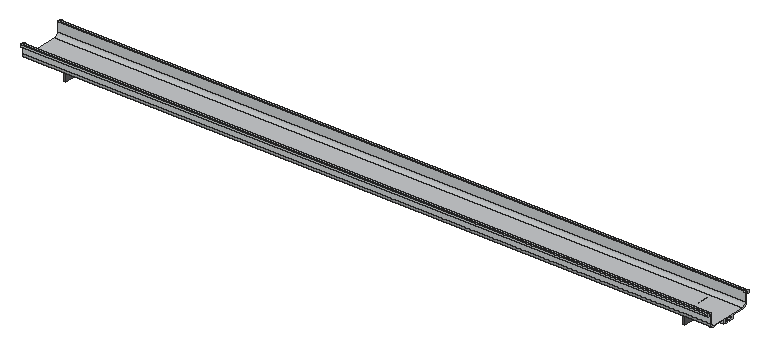
Revit family "Richelieu_Gola_Channel_Profiles_2025", category Generic Models, Revit 2025
Family settings
  Can host rebar = No
  Round Connector Dimension = Use Diameter
  Part Type = Normal
  Cut with Voids When Loaded = No
  Maintain Annotation Orientation = No
  Shared = No
  Room Calculation Point = No
Parameters (values of type "Horizontal - C - Double Grip")
  URL = "https://www.richelieu.com/us/en/category/moldings-corbels-and-components/metal-and-pvc-moldings-profiles-and-rails/gola-cabinet-profiles/1182698"
  Type VS = no
  Type VD = no
  Type HL = no
  Type HC = yes
  Stock Length = 4100 mm
  Show Right End Cap [instance] = no
  Show Mounting Clips [instance] = yes
  Show Left End Cap [instance] = no
  Show Internal 90 Joint [instance] = no
  Show External 90 Joint [instance] = no
  Show Assembly Bracket [instance] = no
  Right End Cap Open [instance] = no
  Profile Width = 26 mm
  Profile Type = "HC"
  Profile Material = Gola - Brushed Stainless Finish
  Profile Height = 72.7 mm
  Open End Cap Product = "7001045170"
  Mounting Clip Material = Gola - Black Plastic Mounting Clips
  Model Accuracy Notes = "Source overall sections: C 26x72.7; L 27x56; vertical single 48.25x36.6; double 66.5x36.6mm. Undimensioned small radii/thickness, teeth and accessory internals simplified. Stock vertical drawing 4400mm; website packaging sometimes states 4500mm."
  Model = "70010040410170"
  Manufacturer Product Number = "70010040410170"
  Manufacturer = "Richelieu Hardware"
  built-in parameter 1001306 [instance] = 1000 mm
  Left End Cap Open [instance] = no
  Internal Joint Product = "7001016I170"
  HL internal joint [instance] = and(Type HL, Show Internal 90 Joint)  # no
  HL external joint [instance] = and(Type HL, Show External 90 Joint)  # no
  HL clips [instance] = and(Type HL, Show Mounting Clips)  # no
  HL bracket linear [instance] = and(Type HL, and(Show Assembly Bracket, Bracket As Linear Join))  # no
  HL bracket bent [instance] = and(Type HL, and(Show Assembly Bracket, not(Bracket As Linear Join)))  # no
  HL Right open [instance] = and(Type HL, and(Show Right End Cap, Right End Cap Open))  # no
  HL Right closed [instance] = and(Type HL, and(Show Right End Cap, not(Right End Cap Open)))  # no
  HL Left open [instance] = and(Type HL, and(Show Left End Cap, Left End Cap Open))  # no
  HL Left closed [instance] = and(Type HL, and(Show Left End Cap, not(Left End Cap Open)))  # no
  HC internal joint [instance] = and(Type HC, Show Internal 90 Joint)  # no
  HC external joint [instance] = and(Type HC, Show External 90 Joint)  # no
  HC clips [instance] = and(Type HC, Show Mounting Clips)  # yes
  HC bracket linear [instance] = and(Type HC, and(Show Assembly Bracket, Bracket As Linear Join))  # no
  HC bracket bent [instance] = and(Type HC, and(Show Assembly Bracket, not(Bracket As Linear Join)))  # no
  HC Right open [instance] = and(Type HC, and(Show Right End Cap, Right End Cap Open))  # no
  HC Right closed [instance] = and(Type HC, and(Show Right End Cap, not(Right End Cap Open)))  # no
  HC Left open [instance] = and(Type HC, and(Show Left End Cap, Left End Cap Open))  # no
  HC Left closed [instance] = and(Type HC, and(Show Left End Cap, not(Left End Cap Open)))  # no
  Grip Configuration = "Double"
  Finish = "Brushed stainless steel appearance"
  External Joint Product = "7001016E170"
  Effective Accessory Offset [instance] = if(Accessory Offset < 25 mm, 25 mm, if(Accessory Offset > [built-in parameter 1001306] / 2 - 20 mm, [built-in parameter 1001306] / 2 - 20 mm, Accessory Offset))  # 50 mm
  Description = "Horizontal - C - Double Grip; line based length with endpoint grips"
  Default Elevation = 0 mm
  Control 3864 Start [instance] = [built-in parameter 1001306] + 25.8 mm  # 1025.8 mm
  Control 3864 End [instance] = [built-in parameter 1001306] + 27 mm  # 1027 mm
  Control 3851 Start [instance] = [built-in parameter 1001306] + 0 mm  # 1000 mm
  Control 3851 End [instance] = [built-in parameter 1001306] + 27 mm  # 1027 mm
  Control 3792 Start [instance] = [built-in parameter 1001306] - 34 mm  # 966 mm
  Control 3792 End [instance] = [built-in parameter 1001306] + 34 mm  # 1034 mm
  Control 3780 Start [instance] = [built-in parameter 1001306] - 2.4 mm  # 997.6 mm
  Control 3768 Start [instance] = [built-in parameter 1001306] - 68 mm  # 932 mm
  Control 3743 Start [instance] = [built-in parameter 1001306] - Effective Accessory Offset - 17 mm  # 933 mm
  Control 3722 End [instance] = [built-in parameter 1001306] - Effective Accessory Offset + 12.2 mm  # 962.2 mm
  Control 3709 Start [instance] = [built-in parameter 1001306] - Effective Accessory Offset  # 950 mm
  Control 3709 End [instance] = [built-in parameter 1001306] - Effective Accessory Offset + 3 mm  # 953 mm
  Control 3686 Start [instance] = Effective Accessory Offset - 17 mm  # 33 mm
  Control 3665 End [instance] = Effective Accessory Offset + 12.2 mm  # 62.2 mm
  Control 3653 End [instance] = Effective Accessory Offset + 3 mm  # 53 mm
  Control 3640 Start [instance] = [built-in parameter 1001306] - 8 mm  # 992 mm
  Control 3548 End [instance] = [built-in parameter 1001306] + 10 mm  # 1010 mm
  Control 3536 End [instance] = [built-in parameter 1001306] + 2 mm  # 1002 mm
  Closed End Cap Product = "7001046170"
  Cap Material = Gola - Brushed Stainless Finish
  Bracket Material = Gola - Galvanized Bracket
  Bracket As Linear Join [instance] = no
  Base Material = "Anodized aluminum"
  Application = "Horizontal"
  Accessory Offset [instance] = 50 mm
  Accessory Notes = "Horizontal: BP7001010 clips; 70010999 bracket. Internal joint at START, external at END. Disable end cap where corner used. Vertical: direct screw fixing; horizontal fittings suppressed."
Types (5, lengths in mm): name | Type VS | Type VD | Type HL | Type HC | Stock Length | Show Mounting Clips | Profile Width | Profile Type | Profile Height | Open End Cap Product | Model | Manufacturer Product Number | Internal Joint Product | HL clips | HC clips | Grip Configuration | External Joint Product | Description | Closed End Cap Product | Application
  (no name) | no | yes | no | no | 4400 | no | 66.5 | "VD" | 36.6 | "Not specified for vertical profiles" | "70010190440170" | "70010190440170" | "Not applicable" | no | no | "Double" | "Not applicable" | "Vertical - Double Grip; line based length with endpoint grips" | "Not specified for vertical profiles" | "Vertical"
  Horizontal - C - Double Grip | no | no | no | yes | 4100 | yes | 26 | "HC" | 72.7 | "7001045170" | "70010040410170" | "70010040410170" | "7001016I170" | no | yes | "Double" | "7001016E170" | "Horizontal - C - Double Grip; line based length with endpoint grips" | "7001046170" | "Horizontal"
  Horizontal - L - Single Grip | no | no | yes | no | 4100 | yes | 27 | "HL" | 56 | "7001013170" | "70010050410170" | "70010050410170" | "7001017I170" | yes | no | "Single" | "7001015E170" | "Horizontal - L - Single Grip; line based length with endpoint grips" | "7001044170" | "Horizontal"
  Vertical - Single Grip | yes | no | no | no | 4400 | no | 48.25 | "VS" | 36.6 | "Not specified for vertical profiles" | "70010200440170" | "70010200440170" | "Not applicable" | no | no | "Single" | "Not applicable" | "Vertical - Single Grip; line based length with endpoint grips" | "Not specified for vertical profiles" | "Vertical"
  Vertical - Double Grip | no | yes | no | no | 4400 | no | 66.5 | "VD" | 36.6 | "Not specified for vertical profiles" | "70010190440170" | "70010190440170" | "Not applicable" | no | no | "Double" | "Not applicable" | "Vertical - Double Grip; line based length with endpoint grips" | "Not specified for vertical profiles" | "Vertical"
Reference planes
  plane 1 "Center (Front/Back)": y = 0
  plane 2: z = 0
  plane 3 "Left": x = 0
  plane 4 "Right": x = 1000
Forms (mm)
  Extrusion 1, solid, material "Gola - Brushed Stainless Finish" <- "Profile Material", visible <- "Type HC"
    sketch origin (0, 0, 0) x (0, 1, 0) y (0, 0, 1)
      loop
        line (72.7, 22) -> (72.7, 24.8)
        arc (72.7, 24.8) -> (72.349, 25.648) -> (71.5, 26) r 1.2
        line (71.5, 26) -> (68.9, 26)
        arc (68.9, 26) -> (68.052, 25.648) -> (67.7, 24.8) r 1.2
        line (67.7, 24.8) -> (67.7, 11.9)
        arc (67.7, 11.9) -> (66.118, 8.082) -> (62.3, 6.5) r 5.4
        line (62.3, 6.5) -> (10.4, 6.5)
        arc (10.4, 6.5) -> (6.582, 8.082) -> (5, 11.9) r 5.4
        line (5, 11.9) -> (5, 24.8)
        arc (5, 24.8) -> (4.648, 25.648) -> (3.8, 26) r 1.2
        line (3.8, 26) -> (1.2, 26)
        arc (1.2, 26) -> (0.352, 25.648) -> (0, 24.8) r 1.2
        line (0, 24.8) -> (0, 22) -> (1.2, 22) -> (1.2, 24.8) -> (3.8, 24.8) -> (3.8, 11.9)
        arc (3.8, 11.9) -> (5.733, 7.233) -> (10.4, 5.3) r 6.6
        line (10.4, 5.3) -> (28.2, 5.3) -> (28.2, 0) -> (33.4, 0) -> (33.4, 1.2) -> (29.4, 1.2) -> (29.4, 5.3) -> (43.3, 5.3) -> (43.3, 1.2) -> (39.3, 1.2) -> (39.3, 0) -> (44.5, 0) -> (44.5, 5.3) -> (62.3, 5.3)
        arc (62.3, 5.3) -> (66.967, 7.233) -> (68.9, 11.9) r 6.6
        line (68.9, 11.9) -> (68.9, 24.8) -> (71.5, 24.8) -> (71.5, 22) -> (72.7, 22)
    from 0 to 1000 <- "built-in parameter 1001306"
  Extrusion 2, solid, material "Gola - Brushed Stainless Finish" <- "Cap Material", visible <- "HC Left closed"
    sketch origin (0, 0, 0) x (0, 1, 0) y (0, 0, 1)
      loop
        line (0, 0) -> (72.7, 0) -> (72.7, 26) -> (0, 26) -> (0, 0)
    from -2 to 0
  Extrusion 3, solid, material "Gola - Brushed Stainless Finish" <- "Cap Material", visible <- "HC Left open"
    sketch origin (0, 0, 0) x (0, 1, 0) y (0, 0, 1)
      loop
        line (72.7, 22) -> (72.7, 24.8)
        arc (72.7, 24.8) -> (72.349, 25.648) -> (71.5, 26) r 1.2
        line (71.5, 26) -> (68.9, 26)
        arc (68.9, 26) -> (68.052, 25.648) -> (67.7, 24.8) r 1.2
        line (67.7, 24.8) -> (67.7, 11.9)
        arc (67.7, 11.9) -> (66.118, 8.082) -> (62.3, 6.5) r 5.4
        line (62.3, 6.5) -> (10.4, 6.5)
        arc (10.4, 6.5) -> (6.582, 8.082) -> (5, 11.9) r 5.4
        line (5, 11.9) -> (5, 24.8)
        arc (5, 24.8) -> (4.648, 25.648) -> (3.8, 26) r 1.2
        line (3.8, 26) -> (1.2, 26)
        arc (1.2, 26) -> (0.352, 25.648) -> (0, 24.8) r 1.2
        line (0, 24.8) -> (0, 22) -> (1.2, 22) -> (1.2, 24.8) -> (3.8, 24.8) -> (3.8, 11.9)
        arc (3.8, 11.9) -> (5.733, 7.233) -> (10.4, 5.3) r 6.6
        line (10.4, 5.3) -> (28.2, 5.3) -> (28.2, 0) -> (33.4, 0) -> (33.4, 1.2) -> (29.4, 1.2) -> (29.4, 5.3) -> (43.3, 5.3) -> (43.3, 1.2) -> (39.3, 1.2) -> (39.3, 0) -> (44.5, 0) -> (44.5, 5.3) -> (62.3, 5.3)
        arc (62.3, 5.3) -> (66.967, 7.233) -> (68.9, 11.9) r 6.6
        line (68.9, 11.9) -> (68.9, 24.8) -> (71.5, 24.8) -> (71.5, 22) -> (72.7, 22)
    from -10 to 0
  Extrusion 4, solid, material "Gola - Brushed Stainless Finish" <- "Cap Material", visible <- "HC Left closed"
    sketch origin (0, 0, 0) x (0, 1, 0) y (0, 0, 1)
      loop
        line (7, 5.3) -> (65.7, 5.3) -> (65.7, 7) -> (7, 7) -> (7, 5.3)
    from 0 to 8
  Extrusion 5, solid, material "Gola - Brushed Stainless Finish" <- "Cap Material", visible <- "HC Right closed"
    sketch origin (0, 0, 0) x (0, 1, 0) y (0, 0, 1)
      loop
        line (0, 0) -> (72.7, 0) -> (72.7, 26) -> (0, 26) -> (0, 0)
    from 1000 <- "built-in parameter 1001306" to 1002 <- "Control 3536 End"
  Extrusion 6, solid, material "Gola - Brushed Stainless Finish" <- "Cap Material", visible <- "HC Right open"
    sketch origin (0, 0, 0) x (0, 1, 0) y (0, 0, 1)
      loop
        line (72.7, 22) -> (72.7, 24.8)
        arc (72.7, 24.8) -> (72.349, 25.648) -> (71.5, 26) r 1.2
        line (71.5, 26) -> (68.9, 26)
        arc (68.9, 26) -> (68.052, 25.648) -> (67.7, 24.8) r 1.2
        line (67.7, 24.8) -> (67.7, 11.9)
        arc (67.7, 11.9) -> (66.118, 8.082) -> (62.3, 6.5) r 5.4
        line (62.3, 6.5) -> (10.4, 6.5)
        arc (10.4, 6.5) -> (6.582, 8.082) -> (5, 11.9) r 5.4
        line (5, 11.9) -> (5, 24.8)
        arc (5, 24.8) -> (4.648, 25.648) -> (3.8, 26) r 1.2
        line (3.8, 26) -> (1.2, 26)
        arc (1.2, 26) -> (0.352, 25.648) -> (0, 24.8) r 1.2
        line (0, 24.8) -> (0, 22) -> (1.2, 22) -> (1.2, 24.8) -> (3.8, 24.8) -> (3.8, 11.9)
        arc (3.8, 11.9) -> (5.733, 7.233) -> (10.4, 5.3) r 6.6
        line (10.4, 5.3) -> (28.2, 5.3) -> (28.2, 0) -> (33.4, 0) -> (33.4, 1.2) -> (29.4, 1.2) -> (29.4, 5.3) -> (43.3, 5.3) -> (43.3, 1.2) -> (39.3, 1.2) -> (39.3, 0) -> (44.5, 0) -> (44.5, 5.3) -> (62.3, 5.3)
        arc (62.3, 5.3) -> (66.967, 7.233) -> (68.9, 11.9) r 6.6
        line (68.9, 11.9) -> (68.9, 24.8) -> (71.5, 24.8) -> (71.5, 22) -> (72.7, 22)
    from 1000 <- "built-in parameter 1001306" to 1010 <- "Control 3548 End"
  Extrusion 7, solid, material "Gola - Brushed Stainless Finish" <- "Cap Material", visible <- "HC Right closed"
    sketch origin (0, 0, 0) x (0, 1, 0) y (0, 0, 1)
      loop
        line (7, 5.3) -> (65.7, 5.3) -> (65.7, 7) -> (7, 7) -> (7, 5.3)
    from 992 <- "Control 3640 Start" to 1000 <- "built-in parameter 1001306"
  Extrusion 8, solid, material "Gola - Black Plastic Mounting Clips" <- "Mounting Clip Material", visible <- "HC clips"
    sketch origin (0, 0, 0) x (0, 1, 0) y (0, 0, 1)
      loop
        line (16.35, -12) -> (56.35, -12) -> (56.35, 5) -> (16.35, 5) -> (16.35, -12)
    from 50 <- "Effective Accessory Offset" to 53 <- "Control 3653 End"
  Extrusion 9, solid, material "Gola - Black Plastic Mounting Clips" <- "Mounting Clip Material", visible <- "HC clips"
    sketch origin (0, 0, 0) x (0, 1, 0) y (0, 0, 1)
      loop
        circle (20.35, 0.5) r 2.65
    from 53 <- "Control 3653 End" to 62.2 <- "Control 3665 End"
  Extrusion 10, solid, material "Gola - Black Plastic Mounting Clips" <- "Mounting Clip Material", visible <- "HC clips"
    sketch origin (0, 0, 0) x (0, 1, 0) y (0, 0, 1)
      loop
        circle (52.35, 0.5) r 2.65
    from 53 <- "Control 3653 End" to 62.2 <- "Control 3665 End"
  Extrusion 11, solid, material "Gola - Black Plastic Mounting Clips" <- "Mounting Clip Material", visible <- "HC clips"
    sketch origin (0, 0, 0) x (0, 1, 0) y (0, 0, 1)
      loop
        line (28.35, 0) -> (33.85, 0) -> (33.85, 4.3) -> (28.35, 4.3) -> (28.35, 0)
    from 33 <- "Control 3686 Start" to 50 <- "Effective Accessory Offset"
  Extrusion 12, solid, material "Gola - Black Plastic Mounting Clips" <- "Mounting Clip Material", visible <- "HC clips"
    sketch origin (0, 0, 0) x (0, 1, 0) y (0, 0, 1)
      loop
        line (38.85, 0) -> (44.35, 0) -> (44.35, 4.3) -> (38.85, 4.3) -> (38.85, 0)
    from 33 <- "Control 3686 Start" to 50 <- "Effective Accessory Offset"
  Extrusion 13, solid, material "Gola - Black Plastic Mounting Clips" <- "Mounting Clip Material", visible <- "HC clips"
    sketch origin (0, 0, 0) x (0, 1, 0) y (0, 0, 1)
      loop
        line (16.35, -12) -> (56.35, -12) -> (56.35, 5) -> (16.35, 5) -> (16.35, -12)
    from 950 <- "Control 3709 Start" to 953 <- "Control 3709 End"
  Extrusion 14, solid, material "Gola - Black Plastic Mounting Clips" <- "Mounting Clip Material", visible <- "HC clips"
    sketch origin (0, 0, 0) x (0, 1, 0) y (0, 0, 1)
      loop
        circle (20.35, 0.5) r 2.65
    from 953 <- "Control 3709 End" to 962.2 <- "Control 3722 End"
  Extrusion 15, solid, material "Gola - Black Plastic Mounting Clips" <- "Mounting Clip Material", visible <- "HC clips"
    sketch origin (0, 0, 0) x (0, 1, 0) y (0, 0, 1)
      loop
        circle (52.35, 0.5) r 2.65
    from 953 <- "Control 3709 End" to 962.2 <- "Control 3722 End"
  Extrusion 16, solid, material "Gola - Black Plastic Mounting Clips" <- "Mounting Clip Material", visible <- "HC clips"
    sketch origin (0, 0, 0) x (0, 1, 0) y (0, 0, 1)
      loop
        line (28.35, 0) -> (33.85, 0) -> (33.85, 4.3) -> (28.35, 4.3) -> (28.35, 0)
    from 933 <- "Control 3743 Start" to 950 <- "Control 3709 Start"
  Extrusion 17, solid, material "Gola - Black Plastic Mounting Clips" <- "Mounting Clip Material", visible <- "HC clips"
    sketch origin (0, 0, 0) x (0, 1, 0) y (0, 0, 1)
      loop
        line (38.85, 0) -> (44.35, 0) -> (44.35, 4.3) -> (38.85, 4.3) -> (38.85, 0)
    from 933 <- "Control 3743 Start" to 950 <- "Control 3709 Start"
  Extrusion 18, solid, material "Gola - Galvanized Bracket" <- "Bracket Material", visible <- "HC bracket bent"
    sketch origin (0, 0, 0) x (0, 1, 0) y (0, 0, 1)
      loop
        line (30.85, 1.5) -> (41.85, 1.5) -> (41.85, 3.9) -> (30.85, 3.9) -> (30.85, 1.5)
    from 932 <- "Control 3768 Start" to 1000 <- "built-in parameter 1001306"
  Extrusion 19, solid, material "Gola - Galvanized Bracket" <- "Bracket Material", visible <- "HC bracket bent"
    sketch origin (0, 0, 0) x (0, 1, 0) y (0, 0, 1)
      loop
        line (30.85, -34.1) -> (41.85, -34.1) -> (41.85, 3.9) -> (30.85, 3.9) -> (30.85, -34.1)
    from 997.6 <- "Control 3780 Start" to 1000 <- "built-in parameter 1001306"
  Extrusion 20, solid, material "Gola - Galvanized Bracket" <- "Bracket Material", visible <- "HC bracket linear"
    sketch origin (0, 0, 0) x (0, 1, 0) y (0, 0, 1)
      loop
        line (30.85, 1.5) -> (41.85, 1.5) -> (41.85, 3.9) -> (30.85, 3.9) -> (30.85, 1.5)
    from 966 <- "Control 3792 Start" to 1034 <- "Control 3792 End"
  Extrusion 21, solid, material "Gola - Brushed Stainless Finish" <- "Profile Material", visible <- "HC internal joint"
    sketch origin (0, 0, 0) x (0, 1, 0) y (0, 0, 1)
      loop
        line (5, 5.3) -> (67.7, 5.3) -> (67.7, 6.5) -> (5, 6.5) -> (5, 5.3)
    from -29 to 0
  Extrusion 22, solid, material "Gola - Brushed Stainless Finish" <- "Profile Material", visible <- "HC internal joint"
    sketch origin (0, 0, 0) x (0, 1, 0) y (0, 0, 1)
      loop
        line (5, 5.3) -> (67.7, 5.3) -> (67.7, 33.1) -> (5, 33.1) -> (5, 5.3)
    from -29 to -27.8
  Extrusion 23, solid, material "Gola - Brushed Stainless Finish" <- "Profile Material", visible <- "HC internal joint"
    sketch origin (0, 0, 0) x (0, 1, 0) y (0, 0, 1)
      loop
        line (3.8, 5.3) -> (5, 5.3) -> (5, 34.3) -> (3.8, 34.3) -> (3.8, 5.3)
    from -29 to 0
  Extrusion 24, solid, material "Gola - Brushed Stainless Finish" <- "Profile Material", visible <- "HC internal joint"
    sketch origin (0, 0, 0) x (0, 1, 0) y (0, 0, 1)
      loop
        line (67.7, 5.3) -> (68.9, 5.3) -> (68.9, 34.3) -> (67.7, 34.3) -> (67.7, 5.3)
    from -29 to 0
  Extrusion 25, solid, material "Gola - Brushed Stainless Finish" <- "Profile Material", visible <- "HC external joint"
    sketch origin (0, 0, 0) x (0, 1, 0) y (0, 0, 1)
      loop
        line (5, 24.8) -> (67.7, 24.8) -> (67.7, 26) -> (5, 26) -> (5, 24.8)
    from 1000 <- "Control 3851 Start" to 1027 <- "Control 3851 End"
  Extrusion 26, solid, material "Gola - Brushed Stainless Finish" <- "Profile Material", visible <- "HC external joint"
    sketch origin (0, 0, 0) x (0, 1, 0) y (0, 0, 1)
      loop
        line (5, -1) -> (67.7, -1) -> (67.7, 24.8) -> (5, 24.8) -> (5, -1)
    from 1025.8 <- "Control 3864 Start" to 1027 <- "Control 3864 End"
  Extrusion 27, solid, material "Gola - Brushed Stainless Finish" <- "Profile Material", visible <- "HC external joint"
    sketch origin (0, 0, 0) x (0, 1, 0) y (0, 0, 1)
      loop
        line (3.8, -1) -> (5, -1) -> (5, 26) -> (3.8, 26) -> (3.8, -1)
    from 1000 <- "Control 3851 Start" to 1027 <- "Control 3851 End"
  Extrusion 28, solid, material "Gola - Brushed Stainless Finish" <- "Profile Material", visible <- "HC external joint"
    sketch origin (0, 0, 0) x (0, 1, 0) y (0, 0, 1)
      loop
        line (67.7, -1) -> (68.9, -1) -> (68.9, 26) -> (67.7, 26) -> (67.7, -1)
    from 1000 <- "Control 3851 Start" to 1027 <- "Control 3851 End"
  Extrusion 29, solid, material "Gola - Brushed Stainless Finish" <- "Profile Material", visible <- "Type HL"
    sketch origin (0, 0, 0) x (0, 1, 0) y (0, 0, 1)
      loop
        line (56, 0) -> (56, 6.3)
        arc (56, 6.3) -> (55.649, 7.149) -> (54.8, 7.5) r 1.2
        line (54.8, 7.5) -> (10.5, 7.5)
        arc (10.5, 7.5) -> (6.682, 9.082) -> (5.1, 12.9) r 5.4
        line (5.1, 12.9) -> (5.1, 25.8)
        arc (5.1, 25.8) -> (4.748, 26.649) -> (3.9, 27) r 1.2
        line (3.9, 27) -> (1.2, 27)
        arc (1.2, 27) -> (0.352, 26.648) -> (0, 25.8) r 1.2
        line (0, 25.8) -> (0, 23) -> (1.2, 23) -> (1.2, 25.8) -> (3.9, 25.8) -> (3.9, 12.9)
        arc (3.9, 12.9) -> (5.833, 8.233) -> (10.5, 6.3) r 6.6
        line (10.5, 6.3) -> (10.7, 0.9) -> (15.9, 0.9) -> (15.9, 2.1) -> (11.9, 2.1) -> (11.9, 6.3) -> (25.6, 6.3) -> (25.6, 2.1) -> (21.6, 2.1) -> (21.6, 0.9) -> (26.8, 0.9) -> (26.8, 6.3) -> (54.8, 6.3) -> (54.8, 1.2) -> (53.5, 1.2) -> (53.5, 0) -> (56, 0)
    from 0 to 1000 <- "built-in parameter 1001306"
  Extrusion 30, solid, material "Gola - Brushed Stainless Finish" <- "Cap Material", visible <- "HL Left closed"
    sketch origin (0, 0, 0) x (0, 1, 0) y (0, 0, 1)
      loop
        line (0, 0) -> (56, 0) -> (56, 27) -> (0, 27) -> (0, 0)
    from -2 to 0
  Extrusion 31, solid, material "Gola - Brushed Stainless Finish" <- "Cap Material", visible <- "HL Left open"
    sketch origin (0, 0, 0) x (0, 1, 0) y (0, 0, 1)
      loop
        line (56, 0) -> (56, 6.3)
        arc (56, 6.3) -> (55.649, 7.149) -> (54.8, 7.5) r 1.2
        line (54.8, 7.5) -> (10.5, 7.5)
        arc (10.5, 7.5) -> (6.682, 9.082) -> (5.1, 12.9) r 5.4
        line (5.1, 12.9) -> (5.1, 25.8)
        arc (5.1, 25.8) -> (4.748, 26.649) -> (3.9, 27) r 1.2
        line (3.9, 27) -> (1.2, 27)
        arc (1.2, 27) -> (0.352, 26.648) -> (0, 25.8) r 1.2
        line (0, 25.8) -> (0, 23) -> (1.2, 23) -> (1.2, 25.8) -> (3.9, 25.8) -> (3.9, 12.9)
        arc (3.9, 12.9) -> (5.833, 8.233) -> (10.5, 6.3) r 6.6
        line (10.5, 6.3) -> (10.7, 0.9) -> (15.9, 0.9) -> (15.9, 2.1) -> (11.9, 2.1) -> (11.9, 6.3) -> (25.6, 6.3) -> (25.6, 2.1) -> (21.6, 2.1) -> (21.6, 0.9) -> (26.8, 0.9) -> (26.8, 6.3) -> (54.8, 6.3) -> (54.8, 1.2) -> (53.5, 1.2) -> (53.5, 0) -> (56, 0)
    from -10 to 0
  Extrusion 32, solid, material "Gola - Brushed Stainless Finish" <- "Cap Material", visible <- "HL Left closed"
    sketch origin (0, 0, 0) x (0, 1, 0) y (0, 0, 1)
      loop
        line (7, 5.3) -> (49, 5.3) -> (49, 7) -> (7, 7) -> (7, 5.3)
    from 0 to 8
  Extrusion 33, solid, material "Gola - Brushed Stainless Finish" <- "Cap Material", visible <- "HL Right closed"
    sketch origin (0, 0, 0) x (0, 1, 0) y (0, 0, 1)
      loop
        line (0, 0) -> (56, 0) -> (56, 27) -> (0, 27) -> (0, 0)
    from 1000 <- "built-in parameter 1001306" to 1002 <- "Control 3536 End"
  Extrusion 34, solid, material "Gola - Brushed Stainless Finish" <- "Cap Material", visible <- "HL Right open"
    sketch origin (0, 0, 0) x (0, 1, 0) y (0, 0, 1)
      loop
        line (56, 0) -> (56, 6.3)
        arc (56, 6.3) -> (55.649, 7.149) -> (54.8, 7.5) r 1.2
        line (54.8, 7.5) -> (10.5, 7.5)
        arc (10.5, 7.5) -> (6.682, 9.082) -> (5.1, 12.9) r 5.4
        line (5.1, 12.9) -> (5.1, 25.8)
        arc (5.1, 25.8) -> (4.748, 26.649) -> (3.9, 27) r 1.2
        line (3.9, 27) -> (1.2, 27)
        arc (1.2, 27) -> (0.352, 26.648) -> (0, 25.8) r 1.2
        line (0, 25.8) -> (0, 23) -> (1.2, 23) -> (1.2, 25.8) -> (3.9, 25.8) -> (3.9, 12.9)
        arc (3.9, 12.9) -> (5.833, 8.233) -> (10.5, 6.3) r 6.6
        line (10.5, 6.3) -> (10.7, 0.9) -> (15.9, 0.9) -> (15.9, 2.1) -> (11.9, 2.1) -> (11.9, 6.3) -> (25.6, 6.3) -> (25.6, 2.1) -> (21.6, 2.1) -> (21.6, 0.9) -> (26.8, 0.9) -> (26.8, 6.3) -> (54.8, 6.3) -> (54.8, 1.2) -> (53.5, 1.2) -> (53.5, 0) -> (56, 0)
    from 1000 <- "built-in parameter 1001306" to 1010 <- "Control 3548 End"
  Extrusion 35, solid, material "Gola - Brushed Stainless Finish" <- "Cap Material", visible <- "HL Right closed"
    sketch origin (0, 0, 0) x (0, 1, 0) y (0, 0, 1)
      loop
        line (7, 5.3) -> (49, 5.3) -> (49, 7) -> (7, 7) -> (7, 5.3)
    from 992 <- "Control 3640 Start" to 1000 <- "built-in parameter 1001306"
  Extrusion 36, solid, material "Gola - Black Plastic Mounting Clips" <- "Mounting Clip Material", visible <- "HL clips"
    sketch origin (0, 0, 0) x (0, 1, 0) y (0, 0, 1)
      loop
        line (-1.25, -12) -> (38.75, -12) -> (38.75, 5) -> (-1.25, 5) -> (-1.25, -12)
    from 50 <- "Effective Accessory Offset" to 53 <- "Control 3653 End"
  Extrusion 37, solid, material "Gola - Black Plastic Mounting Clips" <- "Mounting Clip Material", visible <- "HL clips"
    sketch origin (0, 0, 0) x (0, 1, 0) y (0, 0, 1)
      loop
        circle (2.75, 0.5) r 2.65
    from 53 <- "Control 3653 End" to 62.2 <- "Control 3665 End"
  Extrusion 38, solid, material "Gola - Black Plastic Mounting Clips" <- "Mounting Clip Material", visible <- "HL clips"
    sketch origin (0, 0, 0) x (0, 1, 0) y (0, 0, 1)
      loop
        circle (34.75, 0.5) r 2.65
    from 53 <- "Control 3653 End" to 62.2 <- "Control 3665 End"
  Extrusion 39, solid, material "Gola - Black Plastic Mounting Clips" <- "Mounting Clip Material", visible <- "HL clips"
    sketch origin (0, 0, 0) x (0, 1, 0) y (0, 0, 1)
      loop
        line (10.75, 0) -> (16.25, 0) -> (16.25, 4.3) -> (10.75, 4.3) -> (10.75, 0)
    from 33 <- "Control 3686 Start" to 50 <- "Effective Accessory Offset"
  Extrusion 40, solid, material "Gola - Black Plastic Mounting Clips" <- "Mounting Clip Material", visible <- "HL clips"
    sketch origin (0, 0, 0) x (0, 1, 0) y (0, 0, 1)
      loop
        line (21.25, 0) -> (26.75, 0) -> (26.75, 4.3) -> (21.25, 4.3) -> (21.25, 0)
    from 33 <- "Control 3686 Start" to 50 <- "Effective Accessory Offset"
  Extrusion 41, solid, material "Gola - Black Plastic Mounting Clips" <- "Mounting Clip Material", visible <- "HL clips"
    sketch origin (0, 0, 0) x (0, 1, 0) y (0, 0, 1)
      loop
        line (-1.25, -12) -> (38.75, -12) -> (38.75, 5) -> (-1.25, 5) -> (-1.25, -12)
    from 950 <- "Control 3709 Start" to 953 <- "Control 3709 End"
  Extrusion 42, solid, material "Gola - Black Plastic Mounting Clips" <- "Mounting Clip Material", visible <- "HL clips"
    sketch origin (0, 0, 0) x (0, 1, 0) y (0, 0, 1)
      loop
        circle (2.75, 0.5) r 2.65
    from 953 <- "Control 3709 End" to 962.2 <- "Control 3722 End"
  Extrusion 43, solid, material "Gola - Black Plastic Mounting Clips" <- "Mounting Clip Material", visible <- "HL clips"
    sketch origin (0, 0, 0) x (0, 1, 0) y (0, 0, 1)
      loop
        circle (34.75, 0.5) r 2.65
    from 953 <- "Control 3709 End" to 962.2 <- "Control 3722 End"
  Extrusion 44, solid, material "Gola - Black Plastic Mounting Clips" <- "Mounting Clip Material", visible <- "HL clips"
    sketch origin (0, 0, 0) x (0, 1, 0) y (0, 0, 1)
      loop
        line (10.75, 0) -> (16.25, 0) -> (16.25, 4.3) -> (10.75, 4.3) -> (10.75, 0)
    from 933 <- "Control 3743 Start" to 950 <- "Control 3709 Start"
  Extrusion 45, solid, material "Gola - Black Plastic Mounting Clips" <- "Mounting Clip Material", visible <- "HL clips"
    sketch origin (0, 0, 0) x (0, 1, 0) y (0, 0, 1)
      loop
        line (21.25, 0) -> (26.75, 0) -> (26.75, 4.3) -> (21.25, 4.3) -> (21.25, 0)
    from 933 <- "Control 3743 Start" to 950 <- "Control 3709 Start"
  Extrusion 46, solid, material "Gola - Galvanized Bracket" <- "Bracket Material", visible <- "HL bracket bent"
    sketch origin (0, 0, 0) x (0, 1, 0) y (0, 0, 1)
      loop
        line (13.25, 1.5) -> (24.25, 1.5) -> (24.25, 3.9) -> (13.25, 3.9) -> (13.25, 1.5)
    from 932 <- "Control 3768 Start" to 1000 <- "built-in parameter 1001306"
  Extrusion 47, solid, material "Gola - Galvanized Bracket" <- "Bracket Material", visible <- "HL bracket bent"
    sketch origin (0, 0, 0) x (0, 1, 0) y (0, 0, 1)
      loop
        line (13.25, -34.1) -> (24.25, -34.1) -> (24.25, 3.9) -> (13.25, 3.9) -> (13.25, -34.1)
    from 997.6 <- "Control 3780 Start" to 1000 <- "built-in parameter 1001306"
  Extrusion 48, solid, material "Gola - Galvanized Bracket" <- "Bracket Material", visible <- "HL bracket linear"
    sketch origin (0, 0, 0) x (0, 1, 0) y (0, 0, 1)
      loop
        line (13.25, 1.5) -> (24.25, 1.5) -> (24.25, 3.9) -> (13.25, 3.9) -> (13.25, 1.5)
    from 966 <- "Control 3792 Start" to 1034 <- "Control 3792 End"
  Extrusion 49, solid, material "Gola - Brushed Stainless Finish" <- "Profile Material", visible <- "HL internal joint"
    sketch origin (0, 0, 0) x (0, 1, 0) y (0, 0, 1)
      loop
        line (5, 5.3) -> (51, 5.3) -> (51, 6.5) -> (5, 6.5) -> (5, 5.3)
    from -29 to 0
  Extrusion 50, solid, material "Gola - Brushed Stainless Finish" <- "Profile Material", visible <- "HL internal joint"
    sketch origin (0, 0, 0) x (0, 1, 0) y (0, 0, 1)
      loop
        line (5, 5.3) -> (51, 5.3) -> (51, 33.1) -> (5, 33.1) -> (5, 5.3)
    from -29 to -27.8
  Extrusion 51, solid, material "Gola - Brushed Stainless Finish" <- "Profile Material", visible <- "HL internal joint"
    sketch origin (0, 0, 0) x (0, 1, 0) y (0, 0, 1)
      loop
        line (3.9, 5.3) -> (5.1, 5.3) -> (5.1, 34.3) -> (3.9, 34.3) -> (3.9, 5.3)
    from -29 to 0
  Extrusion 52, solid, material "Gola - Brushed Stainless Finish" <- "Profile Material", visible <- "HL external joint"
    sketch origin (0, 0, 0) x (0, 1, 0) y (0, 0, 1)
      loop
        line (5, 25.8) -> (51, 25.8) -> (51, 27) -> (5, 27) -> (5, 25.8)
    from 1000 <- "Control 3851 Start" to 1027 <- "Control 3851 End"
  Extrusion 53, solid, material "Gola - Brushed Stainless Finish" <- "Profile Material", visible <- "HL external joint"
    sketch origin (0, 0, 0) x (0, 1, 0) y (0, 0, 1)
      loop
        line (5, 0) -> (51, 0) -> (51, 25.8) -> (5, 25.8) -> (5, 0)
    from 1025.8 <- "Control 3864 Start" to 1027 <- "Control 3864 End"
  Extrusion 54, solid, material "Gola - Brushed Stainless Finish" <- "Profile Material", visible <- "HL external joint"
    sketch origin (0, 0, 0) x (0, 1, 0) y (0, 0, 1)
      loop
        line (3.9, 0) -> (5.1, 0) -> (5.1, 27) -> (3.9, 27) -> (3.9, 0)
    from 1000 <- "Control 3851 Start" to 1027 <- "Control 3851 End"
  Extrusion 55, solid, material "Gola - Brushed Stainless Finish" <- "Profile Material", visible <- "Type VS"
    sketch origin (0, 0, 0) x (0, 1, 0) y (0, 0, 1)
      loop
        line (0, 24.6) -> (34.2, 24.6)
        arc (34.2, 24.6) -> (38.807, 26.342) -> (41.1, 30.7) r 6.944
        line (41.1, 30.7) -> (42, 35.4) -> (47.05, 35.4) -> (47.05, 25.8) -> (45.75, 25.8) -> (45.75, 24.6) -> (48.25, 24.6) -> (48.25, 36.6) -> (40.9, 36.6) -> (39.9, 30.9)
        arc (39.9, 30.9) -> (38.061, 27.221) -> (34.2, 25.8) r 5.583
        line (34.2, 25.8) -> (7.2, 25.8)
        arc (7.2, 25.8) -> (2.957, 27.557) -> (1.2, 31.8) r 5.999
        line (1.2, 31.8) -> (1.2, 36.6) -> (0, 36.6) -> (0, 24.6)
    from 0 to 1000 <- "built-in parameter 1001306"
  Extrusion 56, solid, material "Gola - Brushed Stainless Finish" <- "Profile Material", visible <- "Type VS"
    sketch origin (0, 0, 0) x (0, 1, 0) y (0, 0, 1)
      loop
        line (0, 0) -> (1.2, 0) -> (1.2, 1.6) -> (28.8, 1.6) -> (28.8, 0) -> (30, 0) -> (30, 2.8) -> (21.4, 2.8)
        arc (21.4, 2.8) -> (20.3, 4.6) -> (21.4, 6.4) r 2.023
        line (21.4, 6.4) -> (30, 6.4) -> (30, 24.6) -> (28.8, 24.6) -> (28.8, 7.6) -> (21.4, 7.6)
        arc (21.4, 7.6) -> (19.544, 6.642) -> (19.1, 4.6) r 2.452
        arc (19.1, 4.6) -> (19.183, 3.674) -> (19.5, 2.8) r 3.598
        line (19.5, 2.8) -> (10.5, 2.8)
        arc (10.5, 2.8) -> (10.817, 3.674) -> (10.9, 4.6) r 3.598
        arc (10.9, 4.6) -> (10.456, 6.642) -> (8.6, 7.6) r 2.452
        line (8.6, 7.6) -> (1.2, 7.6) -> (1.2, 24.6) -> (0, 24.6) -> (0, 6.4) -> (8.6, 6.4)
        arc (8.6, 6.4) -> (9.7, 4.6) -> (8.6, 2.8) r 2.023
        line (8.6, 2.8) -> (0, 2.8) -> (0, 0)
    from 0 to 1000 <- "built-in parameter 1001306"
  Extrusion 57, solid, material "Gola - Brushed Stainless Finish" <- "Profile Material", visible <- "Type VD"
    sketch origin (0, 0, 0) x (0, 1, 0) y (0, 0, 1)
      loop
        line (0, 24.6) -> (2.5, 24.6) -> (2.5, 25.8) -> (1.2, 25.8) -> (1.2, 35.4) -> (7.1, 35.4) -> (8.1, 30.7)
        arc (8.1, 30.7) -> (10.393, 26.342) -> (15, 24.6) r 6.944
        line (15, 24.6) -> (51.5, 24.6)
        arc (51.5, 24.6) -> (56.107, 26.342) -> (58.4, 30.7) r 6.944
        line (58.4, 30.7) -> (59.4, 35.4) -> (65.3, 35.4) -> (65.3, 25.8) -> (64, 25.8) -> (64, 24.6) -> (66.5, 24.6) -> (66.5, 36.6) -> (58.3, 36.6) -> (57.2, 30.9)
        arc (57.2, 30.9) -> (55.361, 27.221) -> (51.5, 25.8) r 5.583
        line (51.5, 25.8) -> (15, 25.8)
        arc (15, 25.8) -> (11.139, 27.221) -> (9.3, 30.9) r 5.583
        line (9.3, 30.9) -> (8.2, 36.6) -> (0, 36.6) -> (0, 24.6)
    from 0 to 1000 <- "built-in parameter 1001306"
  Extrusion 58, solid, material "Gola - Brushed Stainless Finish" <- "Profile Material", visible <- "Type VD"
    sketch origin (0, 0, 0) x (0, 1, 0) y (0, 0, 1)
      loop
        line (18.25, 0) -> (19.45, 0) -> (19.45, 1.6) -> (47.05, 1.6) -> (47.05, 0) -> (48.25, 0) -> (48.25, 2.8) -> (39.65, 2.8)
        arc (39.65, 2.8) -> (38.55, 4.6) -> (39.65, 6.4) r 2.023
        line (39.65, 6.4) -> (48.25, 6.4) -> (48.25, 24.6) -> (47.05, 24.6) -> (47.05, 7.6) -> (39.65, 7.6)
        arc (39.65, 7.6) -> (37.794, 6.642) -> (37.35, 4.6) r 2.452
        arc (37.35, 4.6) -> (37.433, 3.674) -> (37.75, 2.8) r 3.598
        line (37.75, 2.8) -> (28.75, 2.8)
        arc (28.75, 2.8) -> (29.067, 3.674) -> (29.15, 4.6) r 3.598
        arc (29.15, 4.6) -> (28.706, 6.642) -> (26.85, 7.6) r 2.452
        line (26.85, 7.6) -> (19.45, 7.6) -> (19.45, 24.6) -> (18.25, 24.6) -> (18.25, 6.4) -> (26.85, 6.4)
        arc (26.85, 6.4) -> (27.95, 4.6) -> (26.85, 2.8) r 2.023
        line (26.85, 2.8) -> (18.25, 2.8) -> (18.25, 0)
    from 0 to 1000 <- "built-in parameter 1001306"
Lines and regions (mm)
  reference lines
    curve 1: line (0, 0, 0) -> (1000, 0, 0)
Dimensions and locks
  "built-in parameter 1001306": plane 3 "Left" to plane 4 "Right"
  aligned and locked: plane 4 "Right" to curve 1
  aligned and locked: plane 1 "Center (Front/Back)" to curve 1
  aligned and locked: plane 3 "Left" to curve 1
  aligned and locked: level to plane 2
Automatic sketch dimensions
  Extrusion 1 sketch curve to plane 1 "Center (Front/Back)" = 0 mm
  Extrusion 1 sketch curve to level = 0 mm  (x2)
  Extrusion 1 sketch curve to plane 1 "Center (Front/Back)" = 1.2 mm
  Extrusion 1 sketch curve to Extrusion 1 sketch curve = 0 mm  (x25)
  Extrusion 1 sketch curve to Extrusion 1 sketch curve = 2.6 mm  (x2)
  Extrusion 1 sketch curve to Extrusion 1 sketch curve = 1.2 mm  (x6)
  Extrusion 1 sketch curve to Extrusion 1 sketch curve = 5.4 mm  (x2)
  Extrusion 1 sketch curve to Extrusion 1 sketch curve = 17.8 mm  (x2)
  Extrusion 1 sketch curve to Extrusion 1 sketch curve = 4 mm  (x2)
  Extrusion 1 sketch curve to Extrusion 1 sketch curve = 5.9 mm
  level to Extrusion 1 sketch curve = 1.2 mm  (x2)
  Extrusion 1 sketch curve to Extrusion 1 sketch curve = 4.1 mm
  level to Extrusion 1 sketch curve = 5.3 mm
  Extrusion 1 sketch curve to Extrusion 1 sketch curve = 10.1 mm  (x2)
  Extrusion 1 sketch curve to Extrusion 1 sketch curve = 2.8 mm  (x2)
  Extrusion 2 sketch curve to level = 0 mm
  Extrusion 2 sketch curve to plane 1 "Center (Front/Back)" = 0 mm
  level to Extrusion 2 sketch curve = 26 mm
  Extrusion 2 sketch curve to Extrusion 2 sketch curve = 72.7 mm
  Extrusion 3 sketch curve to plane 1 "Center (Front/Back)" = 0 mm
  Extrusion 3 sketch curve to level = 0 mm  (x2)
  Extrusion 3 sketch curve to plane 1 "Center (Front/Back)" = 1.2 mm
  Extrusion 3 sketch curve to Extrusion 3 sketch curve = 0 mm  (x25)
  Extrusion 3 sketch curve to Extrusion 3 sketch curve = 2.6 mm  (x2)
  Extrusion 3 sketch curve to Extrusion 3 sketch curve = 1.2 mm  (x6)
  Extrusion 3 sketch curve to Extrusion 3 sketch curve = 5.4 mm  (x2)
  Extrusion 3 sketch curve to Extrusion 3 sketch curve = 17.8 mm  (x2)
  Extrusion 3 sketch curve to Extrusion 3 sketch curve = 4 mm  (x2)
  Extrusion 3 sketch curve to Extrusion 3 sketch curve = 5.9 mm
  level to Extrusion 3 sketch curve = 1.2 mm  (x2)
  Extrusion 3 sketch curve to Extrusion 3 sketch curve = 4.1 mm
  level to Extrusion 3 sketch curve = 5.3 mm
  Extrusion 3 sketch curve to Extrusion 3 sketch curve = 10.1 mm  (x2)
  Extrusion 3 sketch curve to Extrusion 3 sketch curve = 2.8 mm  (x2)
  Extrusion 4 sketch curve to plane 1 "Center (Front/Back)" = 7 mm
  level to Extrusion 4 sketch curve = 7 mm
  Extrusion 4 sketch curve to Extrusion 4 sketch curve = 58.7 mm
  Extrusion 4 sketch curve to Extrusion 4 sketch curve = 1.7 mm
  Extrusion 5 sketch curve to level = 0 mm
  Extrusion 5 sketch curve to plane 1 "Center (Front/Back)" = 0 mm
  level to Extrusion 5 sketch curve = 26 mm
  Extrusion 5 sketch curve to Extrusion 5 sketch curve = 72.7 mm
  Extrusion 6 sketch curve to plane 1 "Center (Front/Back)" = 0 mm
  Extrusion 6 sketch curve to level = 0 mm  (x2)
  Extrusion 6 sketch curve to plane 1 "Center (Front/Back)" = 1.2 mm
  Extrusion 6 sketch curve to Extrusion 6 sketch curve = 0 mm  (x25)
  Extrusion 6 sketch curve to Extrusion 6 sketch curve = 2.6 mm  (x2)
  Extrusion 6 sketch curve to Extrusion 6 sketch curve = 1.2 mm  (x6)
  Extrusion 6 sketch curve to Extrusion 6 sketch curve = 5.4 mm  (x2)
  Extrusion 6 sketch curve to Extrusion 6 sketch curve = 17.8 mm  (x2)
  Extrusion 6 sketch curve to Extrusion 6 sketch curve = 4 mm  (x2)
  Extrusion 6 sketch curve to Extrusion 6 sketch curve = 5.9 mm
  level to Extrusion 6 sketch curve = 1.2 mm  (x2)
  Extrusion 6 sketch curve to Extrusion 6 sketch curve = 4.1 mm
  level to Extrusion 6 sketch curve = 5.3 mm
  Extrusion 6 sketch curve to Extrusion 6 sketch curve = 10.1 mm  (x2)
  Extrusion 6 sketch curve to Extrusion 6 sketch curve = 2.8 mm  (x2)
  Extrusion 7 sketch curve to plane 1 "Center (Front/Back)" = 7 mm
  level to Extrusion 7 sketch curve = 7 mm
  Extrusion 7 sketch curve to Extrusion 7 sketch curve = 58.7 mm
  Extrusion 7 sketch curve to Extrusion 7 sketch curve = 1.7 mm
  Extrusion 8 sketch curve to plane 1 "Center (Front/Back)" = 16.35 mm
  level to Extrusion 8 sketch curve = 5 mm
  Extrusion 8 sketch curve to Extrusion 8 sketch curve = 40 mm
  Extrusion 8 sketch curve to level = 12 mm
  Extrusion 9 sketch curve to Extrusion 9 sketch curve = 0 mm  (x2)
  level to Extrusion 9 sketch curve = 0.5 mm
  Extrusion 9 sketch curve to plane 1 "Center (Front/Back)" = 20.35 mm
  Extrusion 9 sketch curve to Extrusion 9 sketch curve = 2.65 mm
  Extrusion 10 sketch curve to Extrusion 10 sketch curve = 0 mm  (x2)
  level to Extrusion 10 sketch curve = 0.5 mm
  Extrusion 10 sketch curve to plane 1 "Center (Front/Back)" = 52.35 mm
  Extrusion 10 sketch curve to Extrusion 10 sketch curve = 2.65 mm
  Extrusion 11 sketch curve to level = 0 mm
  Extrusion 11 sketch curve to plane 1 "Center (Front/Back)" = 28.35 mm
  Extrusion 11 sketch curve to Extrusion 11 sketch curve = 5.5 mm
  Extrusion 11 sketch curve to Extrusion 11 sketch curve = 4.3 mm
  Extrusion 12 sketch curve to level = 0 mm
  Extrusion 12 sketch curve to plane 1 "Center (Front/Back)" = 38.85 mm
  Extrusion 12 sketch curve to Extrusion 12 sketch curve = 5.5 mm
  Extrusion 12 sketch curve to Extrusion 12 sketch curve = 4.3 mm
  Extrusion 13 sketch curve to plane 1 "Center (Front/Back)" = 16.35 mm
  level to Extrusion 13 sketch curve = 5 mm
  Extrusion 13 sketch curve to Extrusion 13 sketch curve = 40 mm
  Extrusion 13 sketch curve to level = 12 mm
  Extrusion 14 sketch curve to Extrusion 14 sketch curve = 0 mm  (x2)
  level to Extrusion 14 sketch curve = 0.5 mm
  Extrusion 14 sketch curve to plane 1 "Center (Front/Back)" = 20.35 mm
  Extrusion 14 sketch curve to Extrusion 14 sketch curve = 2.65 mm
  Extrusion 15 sketch curve to Extrusion 15 sketch curve = 0 mm  (x2)
  level to Extrusion 15 sketch curve = 0.5 mm
  Extrusion 15 sketch curve to plane 1 "Center (Front/Back)" = 52.35 mm
  Extrusion 15 sketch curve to Extrusion 15 sketch curve = 2.65 mm
  Extrusion 16 sketch curve to level = 0 mm
  Extrusion 16 sketch curve to plane 1 "Center (Front/Back)" = 28.35 mm
  Extrusion 16 sketch curve to Extrusion 16 sketch curve = 5.5 mm
  Extrusion 16 sketch curve to Extrusion 16 sketch curve = 4.3 mm
  Extrusion 17 sketch curve to level = 0 mm
  Extrusion 17 sketch curve to plane 1 "Center (Front/Back)" = 38.85 mm
  Extrusion 17 sketch curve to Extrusion 17 sketch curve = 5.5 mm
  Extrusion 17 sketch curve to Extrusion 17 sketch curve = 4.3 mm
  level to Extrusion 18 sketch curve = 1.5 mm
  Extrusion 18 sketch curve to plane 1 "Center (Front/Back)" = 30.85 mm
  level to Extrusion 18 sketch curve = 3.9 mm
  Extrusion 18 sketch curve to Extrusion 18 sketch curve = 11 mm
  Extrusion 19 sketch curve to plane 1 "Center (Front/Back)" = 30.85 mm
  level to Extrusion 19 sketch curve = 3.9 mm
  Extrusion 19 sketch curve to Extrusion 19 sketch curve = 11 mm
  Extrusion 19 sketch curve to level = 34.1 mm
  level to Extrusion 20 sketch curve = 1.5 mm
  Extrusion 20 sketch curve to plane 1 "Center (Front/Back)" = 30.85 mm
  level to Extrusion 20 sketch curve = 3.9 mm
  Extrusion 20 sketch curve to Extrusion 20 sketch curve = 11 mm
  Extrusion 21 sketch curve to plane 1 "Center (Front/Back)" = 5 mm
  level to Extrusion 21 sketch curve = 6.5 mm
  Extrusion 21 sketch curve to Extrusion 21 sketch curve = 62.7 mm
  Extrusion 21 sketch curve to Extrusion 21 sketch curve = 1.2 mm
  Extrusion 22 sketch curve to plane 1 "Center (Front/Back)" = 5 mm
  Extrusion 22 sketch curve to Extrusion 22 sketch curve = 62.7 mm
  level to Extrusion 22 sketch curve = 5.3 mm
  Extrusion 22 sketch curve to Extrusion 22 sketch curve = 27.8 mm
  Extrusion 23 sketch curve to plane 1 "Center (Front/Back)" = 3.8 mm
  Extrusion 23 sketch curve to Extrusion 23 sketch curve = 1.2 mm
  level to Extrusion 23 sketch curve = 5.3 mm
  Extrusion 23 sketch curve to Extrusion 23 sketch curve = 29 mm
  level to Extrusion 24 sketch curve = 5.3 mm
  Extrusion 24 sketch curve to plane 1 "Center (Front/Back)" = 67.7 mm
  Extrusion 24 sketch curve to Extrusion 24 sketch curve = 1.2 mm
  Extrusion 24 sketch curve to Extrusion 24 sketch curve = 29 mm
  Extrusion 25 sketch curve to plane 1 "Center (Front/Back)" = 5 mm
  level to Extrusion 25 sketch curve = 26 mm
  Extrusion 25 sketch curve to Extrusion 25 sketch curve = 62.7 mm
  Extrusion 25 sketch curve to Extrusion 25 sketch curve = 1.2 mm
  Extrusion 26 sketch curve to level = 1 mm
  Extrusion 26 sketch curve to plane 1 "Center (Front/Back)" = 5 mm
  level to Extrusion 26 sketch curve = 24.8 mm
  Extrusion 26 sketch curve to Extrusion 26 sketch curve = 62.7 mm
  Extrusion 27 sketch curve to level = 1 mm
  Extrusion 27 sketch curve to plane 1 "Center (Front/Back)" = 3.8 mm
  Extrusion 27 sketch curve to Extrusion 27 sketch curve = 1.2 mm
  level to Extrusion 27 sketch curve = 26 mm
  Extrusion 28 sketch curve to level = 1 mm
  Extrusion 28 sketch curve to plane 1 "Center (Front/Back)" = 67.7 mm
  Extrusion 28 sketch curve to Extrusion 28 sketch curve = 1.2 mm
  level to Extrusion 28 sketch curve = 26 mm
  Extrusion 29 sketch curve to plane 1 "Center (Front/Back)" = 0 mm
  Extrusion 29 sketch curve to level = 0 mm
  Extrusion 29 sketch curve to Extrusion 29 sketch curve = 1.2 mm  (x6)
  Extrusion 29 sketch curve to Extrusion 29 sketch curve = 0 mm  (x17)
  Extrusion 29 sketch curve to Extrusion 29 sketch curve = 2.7 mm
  Extrusion 29 sketch curve to Extrusion 29 sketch curve = 5.4 mm
  level to Extrusion 29 sketch curve = 0.9 mm  (x2)
  Extrusion 29 sketch curve to Extrusion 29 sketch curve = 0.2 mm
  Extrusion 29 sketch curve to Extrusion 29 sketch curve = 4 mm  (x2)
  level to Extrusion 29 sketch curve = 2.1 mm
  Extrusion 29 sketch curve to Extrusion 29 sketch curve = 5.7 mm
  level to Extrusion 29 sketch curve = 1.2 mm
  Extrusion 29 sketch curve to Extrusion 29 sketch curve = 26.7 mm
  Extrusion 29 sketch curve to Extrusion 29 sketch curve = 1.3 mm
  Extrusion 29 sketch curve to Extrusion 29 sketch curve = 5.1 mm
  Extrusion 29 sketch curve to Extrusion 29 sketch curve = 4.2 mm
  Extrusion 29 sketch curve to Extrusion 29 sketch curve = 10.1 mm
  Extrusion 29 sketch curve to Extrusion 29 sketch curve = 2.8 mm
  Extrusion 30 sketch curve to level = 0 mm
  Extrusion 30 sketch curve to plane 1 "Center (Front/Back)" = 0 mm
  level to Extrusion 30 sketch curve = 27 mm
  Extrusion 30 sketch curve to Extrusion 30 sketch curve = 56 mm
  Extrusion 31 sketch curve to plane 1 "Center (Front/Back)" = 0 mm
  Extrusion 31 sketch curve to level = 0 mm
  Extrusion 31 sketch curve to Extrusion 31 sketch curve = 1.2 mm  (x6)
  Extrusion 31 sketch curve to Extrusion 31 sketch curve = 0 mm  (x17)
  Extrusion 31 sketch curve to Extrusion 31 sketch curve = 2.7 mm
  Extrusion 31 sketch curve to Extrusion 31 sketch curve = 5.4 mm
  level to Extrusion 31 sketch curve = 0.9 mm  (x2)
  Extrusion 31 sketch curve to Extrusion 31 sketch curve = 0.2 mm
  Extrusion 31 sketch curve to Extrusion 31 sketch curve = 4 mm  (x2)
  level to Extrusion 31 sketch curve = 2.1 mm
  Extrusion 31 sketch curve to Extrusion 31 sketch curve = 5.7 mm
  level to Extrusion 31 sketch curve = 1.2 mm
  Extrusion 31 sketch curve to Extrusion 31 sketch curve = 26.7 mm
  Extrusion 31 sketch curve to Extrusion 31 sketch curve = 1.3 mm
  Extrusion 31 sketch curve to Extrusion 31 sketch curve = 5.1 mm
  Extrusion 31 sketch curve to Extrusion 31 sketch curve = 4.2 mm
  Extrusion 31 sketch curve to Extrusion 31 sketch curve = 10.1 mm
  Extrusion 31 sketch curve to Extrusion 31 sketch curve = 2.8 mm
  Extrusion 32 sketch curve to plane 1 "Center (Front/Back)" = 7 mm
  level to Extrusion 32 sketch curve = 7 mm
  Extrusion 32 sketch curve to Extrusion 32 sketch curve = 42 mm
  Extrusion 32 sketch curve to Extrusion 32 sketch curve = 1.7 mm
  Extrusion 33 sketch curve to level = 0 mm
  Extrusion 33 sketch curve to plane 1 "Center (Front/Back)" = 0 mm
  level to Extrusion 33 sketch curve = 27 mm
  Extrusion 33 sketch curve to Extrusion 33 sketch curve = 56 mm
  Extrusion 34 sketch curve to plane 1 "Center (Front/Back)" = 0 mm
  Extrusion 34 sketch curve to level = 0 mm
  Extrusion 34 sketch curve to Extrusion 34 sketch curve = 1.2 mm  (x6)
  Extrusion 34 sketch curve to Extrusion 34 sketch curve = 0 mm  (x17)
  Extrusion 34 sketch curve to Extrusion 34 sketch curve = 2.7 mm
  Extrusion 34 sketch curve to Extrusion 34 sketch curve = 5.4 mm
  level to Extrusion 34 sketch curve = 0.9 mm  (x2)
  Extrusion 34 sketch curve to Extrusion 34 sketch curve = 0.2 mm
  Extrusion 34 sketch curve to Extrusion 34 sketch curve = 4 mm  (x2)
  level to Extrusion 34 sketch curve = 2.1 mm
  Extrusion 34 sketch curve to Extrusion 34 sketch curve = 5.7 mm
  level to Extrusion 34 sketch curve = 1.2 mm
  Extrusion 34 sketch curve to Extrusion 34 sketch curve = 26.7 mm
  Extrusion 34 sketch curve to Extrusion 34 sketch curve = 1.3 mm
  Extrusion 34 sketch curve to Extrusion 34 sketch curve = 5.1 mm
  Extrusion 34 sketch curve to Extrusion 34 sketch curve = 4.2 mm
  Extrusion 34 sketch curve to Extrusion 34 sketch curve = 10.1 mm
  Extrusion 34 sketch curve to Extrusion 34 sketch curve = 2.8 mm
  Extrusion 35 sketch curve to plane 1 "Center (Front/Back)" = 7 mm
  level to Extrusion 35 sketch curve = 7 mm
  Extrusion 35 sketch curve to Extrusion 35 sketch curve = 42 mm
  Extrusion 35 sketch curve to Extrusion 35 sketch curve = 1.7 mm
  plane 1 "Center (Front/Back)" to Extrusion 36 sketch curve = 1.25 mm
  level to Extrusion 36 sketch curve = 5 mm
  Extrusion 36 sketch curve to plane 1 "Center (Front/Back)" = 38.75 mm
  Extrusion 36 sketch curve to level = 12 mm
  Extrusion 37 sketch curve to Extrusion 37 sketch curve = 0 mm  (x2)
  level to Extrusion 37 sketch curve = 0.5 mm
  Extrusion 37 sketch curve to plane 1 "Center (Front/Back)" = 2.75 mm
  Extrusion 37 sketch curve to plane 1 "Center (Front/Back)" = 0.1 mm
  Extrusion 38 sketch curve to Extrusion 38 sketch curve = 0 mm  (x2)
  level to Extrusion 38 sketch curve = 0.5 mm
  Extrusion 38 sketch curve to plane 1 "Center (Front/Back)" = 34.75 mm
  Extrusion 38 sketch curve to Extrusion 38 sketch curve = 2.65 mm
  Extrusion 39 sketch curve to level = 0 mm
  Extrusion 39 sketch curve to plane 1 "Center (Front/Back)" = 10.75 mm
  Extrusion 39 sketch curve to Extrusion 39 sketch curve = 5.5 mm
  Extrusion 39 sketch curve to Extrusion 39 sketch curve = 4.3 mm
  Extrusion 40 sketch curve to level = 0 mm
  Extrusion 40 sketch curve to plane 1 "Center (Front/Back)" = 21.25 mm
  Extrusion 40 sketch curve to Extrusion 40 sketch curve = 5.5 mm
  Extrusion 40 sketch curve to Extrusion 40 sketch curve = 4.3 mm
  plane 1 "Center (Front/Back)" to Extrusion 41 sketch curve = 1.25 mm
  level to Extrusion 41 sketch curve = 5 mm
  Extrusion 41 sketch curve to plane 1 "Center (Front/Back)" = 38.75 mm
  Extrusion 41 sketch curve to level = 12 mm
  Extrusion 42 sketch curve to Extrusion 42 sketch curve = 0 mm  (x2)
  level to Extrusion 42 sketch curve = 0.5 mm
  Extrusion 42 sketch curve to plane 1 "Center (Front/Back)" = 2.75 mm
  Extrusion 42 sketch curve to plane 1 "Center (Front/Back)" = 0.1 mm
  Extrusion 43 sketch curve to Extrusion 43 sketch curve = 0 mm  (x2)
  level to Extrusion 43 sketch curve = 0.5 mm
  Extrusion 43 sketch curve to plane 1 "Center (Front/Back)" = 34.75 mm
  Extrusion 43 sketch curve to Extrusion 43 sketch curve = 2.65 mm
  Extrusion 44 sketch curve to level = 0 mm
  Extrusion 44 sketch curve to plane 1 "Center (Front/Back)" = 10.75 mm
  Extrusion 44 sketch curve to Extrusion 44 sketch curve = 5.5 mm
  Extrusion 44 sketch curve to Extrusion 44 sketch curve = 4.3 mm
  Extrusion 45 sketch curve to level = 0 mm
  Extrusion 45 sketch curve to plane 1 "Center (Front/Back)" = 21.25 mm
  Extrusion 45 sketch curve to Extrusion 45 sketch curve = 5.5 mm
  Extrusion 45 sketch curve to Extrusion 45 sketch curve = 4.3 mm
  level to Extrusion 46 sketch curve = 1.5 mm
  Extrusion 46 sketch curve to plane 1 "Center (Front/Back)" = 13.25 mm
  level to Extrusion 46 sketch curve = 3.9 mm
  Extrusion 46 sketch curve to Extrusion 46 sketch curve = 11 mm
  Extrusion 47 sketch curve to plane 1 "Center (Front/Back)" = 13.25 mm
  level to Extrusion 47 sketch curve = 3.9 mm
  Extrusion 47 sketch curve to Extrusion 47 sketch curve = 11 mm
  Extrusion 47 sketch curve to level = 34.1 mm
  level to Extrusion 48 sketch curve = 1.5 mm
  Extrusion 48 sketch curve to plane 1 "Center (Front/Back)" = 13.25 mm
  level to Extrusion 48 sketch curve = 3.9 mm
  Extrusion 48 sketch curve to Extrusion 48 sketch curve = 11 mm
  Extrusion 49 sketch curve to plane 1 "Center (Front/Back)" = 5 mm
  level to Extrusion 49 sketch curve = 6.5 mm
  Extrusion 49 sketch curve to Extrusion 49 sketch curve = 46 mm
  Extrusion 49 sketch curve to Extrusion 49 sketch curve = 1.2 mm
  Extrusion 50 sketch curve to plane 1 "Center (Front/Back)" = 5 mm
  Extrusion 50 sketch curve to Extrusion 50 sketch curve = 46 mm
  level to Extrusion 50 sketch curve = 5.3 mm
  Extrusion 50 sketch curve to Extrusion 50 sketch curve = 27.8 mm
  Extrusion 51 sketch curve to plane 1 "Center (Front/Back)" = 3.9 mm
  Extrusion 51 sketch curve to Extrusion 51 sketch curve = 1.2 mm
  level to Extrusion 51 sketch curve = 5.3 mm
  Extrusion 51 sketch curve to Extrusion 51 sketch curve = 29 mm
  Extrusion 52 sketch curve to plane 1 "Center (Front/Back)" = 5 mm
  Extrusion 52 sketch curve to Extrusion 52 sketch curve = 46 mm
  level to Extrusion 52 sketch curve = 25.8 mm
  Extrusion 52 sketch curve to Extrusion 52 sketch curve = 1.2 mm
  Extrusion 53 sketch curve to level = 0 mm
  Extrusion 53 sketch curve to plane 1 "Center (Front/Back)" = 5 mm
  Extrusion 53 sketch curve to Extrusion 53 sketch curve = 46 mm
  Extrusion 53 sketch curve to Extrusion 53 sketch curve = 25.8 mm
  Extrusion 54 sketch curve to level = 0 mm
  Extrusion 54 sketch curve to plane 1 "Center (Front/Back)" = 3.9 mm
  Extrusion 54 sketch curve to Extrusion 54 sketch curve = 1.2 mm
  Extrusion 54 sketch curve to Extrusion 54 sketch curve = 27 mm
  Extrusion 55 sketch curve to plane 1 "Center (Front/Back)" = 0 mm
  Extrusion 55 sketch curve to Extrusion 55 sketch curve = 1.2 mm  (x6)
  Extrusion 55 sketch curve to Extrusion 55 sketch curve = 5.999 mm  (x2)
  Extrusion 55 sketch curve to Extrusion 55 sketch curve = 0.001 mm
  Extrusion 55 sketch curve to Extrusion 55 sketch curve = 27 mm
  Extrusion 55 sketch curve to Extrusion 55 sketch curve = 0 mm
  Extrusion 55 sketch curve to Extrusion 55 sketch curve = 0.007 mm
  Extrusion 55 sketch curve to Extrusion 55 sketch curve = 0.131 mm
  level to Extrusion 55 sketch curve = 30.9 mm
  Extrusion 55 sketch curve to Extrusion 55 sketch curve = 5.562 mm
  Extrusion 55 sketch curve to Extrusion 55 sketch curve = 1 mm
  level to Extrusion 55 sketch curve = 30.7 mm
  Extrusion 55 sketch curve to Extrusion 55 sketch curve = 1.1 mm
  Extrusion 55 sketch curve to Extrusion 55 sketch curve = 4.65 mm
  Extrusion 55 sketch curve to Extrusion 55 sketch curve = 5.05 mm
  Extrusion 55 sketch curve to Extrusion 55 sketch curve = 5.1 mm
  Extrusion 55 sketch curve to Extrusion 55 sketch curve = 4.9 mm
  Extrusion 55 sketch curve to Extrusion 55 sketch curve = 4.7 mm
  Extrusion 55 sketch curve to Extrusion 55 sketch curve = 4.8 mm
  Extrusion 56 sketch curve to level = 0 mm  (x2)
  Extrusion 56 sketch curve to plane 1 "Center (Front/Back)" = 0 mm  (x2)
  Extrusion 56 sketch curve to plane 1 "Center (Front/Back)" = 1.2 mm
  Extrusion 56 sketch curve to Extrusion 56 sketch curve = 1.2 mm  (x7)
  Extrusion 56 sketch curve to Extrusion 56 sketch curve = 6.105 mm  (x3)
  Extrusion 56 sketch curve to Extrusion 56 sketch curve = 0.373 mm  (x2)
  Extrusion 56 sketch curve to Extrusion 56 sketch curve = 0.834 mm  (x2)
  Extrusion 56 sketch curve to Extrusion 56 sketch curve = 0.923 mm
  Extrusion 56 sketch curve to Extrusion 56 sketch curve = 0.089 mm  (x2)
  Extrusion 56 sketch curve to Extrusion 56 sketch curve = 0 mm  (x2)
  Extrusion 56 sketch curve to Extrusion 56 sketch curve = 1.9 mm  (x3)
  level to Extrusion 56 sketch curve = 2.8 mm
  Extrusion 56 sketch curve to Extrusion 56 sketch curve = 9 mm
  Extrusion 56 sketch curve to Extrusion 56 sketch curve = 1.6 mm
  Extrusion 56 sketch curve to Extrusion 56 sketch curve = 1.655 mm  (x2)
  Extrusion 56 sketch curve to Extrusion 56 sketch curve = 0.145 mm  (x2)
  Extrusion 56 sketch curve to Extrusion 56 sketch curve = 0.55 mm  (x2)
  Extrusion 56 sketch curve to Extrusion 56 sketch curve = 17 mm  (x2)
  Extrusion 57 sketch curve to plane 1 "Center (Front/Back)" = 0 mm
  Extrusion 57 sketch curve to plane 1 "Center (Front/Back)" = 1.2 mm
  Extrusion 57 sketch curve to Extrusion 57 sketch curve = 1.3 mm
  Extrusion 57 sketch curve to Extrusion 57 sketch curve = 5.9 mm  (x2)
  Extrusion 57 sketch curve to Extrusion 57 sketch curve = 1 mm
  Extrusion 57 sketch curve to Extrusion 57 sketch curve = 1.1 mm  (x3)
  Extrusion 57 sketch curve to Extrusion 57 sketch curve = 1.2 mm  (x8)
  Extrusion 57 sketch curve to Extrusion 57 sketch curve = 5.562 mm  (x2)
  Extrusion 57 sketch curve to Extrusion 57 sketch curve = 0.131 mm  (x2)
  Extrusion 57 sketch curve to Extrusion 57 sketch curve = 0.138 mm
  Extrusion 57 sketch curve to Extrusion 57 sketch curve = 0 mm  (x2)
  Extrusion 57 sketch curve to Extrusion 57 sketch curve = 36.5 mm
  Extrusion 57 sketch curve to Extrusion 57 sketch curve = 0.007 mm
  level to Extrusion 57 sketch curve = 30.9 mm
  Extrusion 57 sketch curve to Extrusion 57 sketch curve = 5.6 mm
  Extrusion 57 sketch curve to Extrusion 57 sketch curve = 0.2 mm  (x2)
  level to Extrusion 57 sketch curve = 30.7 mm
  Extrusion 57 sketch curve to Extrusion 57 sketch curve = 4.9 mm  (x2)
  Extrusion 57 sketch curve to Extrusion 57 sketch curve = 5.1 mm
  Extrusion 57 sketch curve to Extrusion 57 sketch curve = 4.7 mm  (x2)
  Extrusion 58 sketch curve to level = 0 mm  (x2)
  Extrusion 58 sketch curve to plane 1 "Center (Front/Back)" = 18.25 mm
  Extrusion 58 sketch curve to Extrusion 58 sketch curve = 0 mm  (x3)
  Extrusion 58 sketch curve to Extrusion 58 sketch curve = 1.2 mm  (x8)
  Extrusion 58 sketch curve to Extrusion 58 sketch curve = 6.105 mm  (x3)
  Extrusion 58 sketch curve to Extrusion 58 sketch curve = 0.373 mm  (x2)
  Extrusion 58 sketch curve to Extrusion 58 sketch curve = 0.834 mm  (x2)
  Extrusion 58 sketch curve to Extrusion 58 sketch curve = 0.923 mm
  Extrusion 58 sketch curve to Extrusion 58 sketch curve = 0.089 mm  (x2)
  Extrusion 58 sketch curve to Extrusion 58 sketch curve = 1.9 mm  (x3)
  level to Extrusion 58 sketch curve = 2.8 mm
  Extrusion 58 sketch curve to Extrusion 58 sketch curve = 9 mm
  Extrusion 58 sketch curve to Extrusion 58 sketch curve = 1.6 mm
  Extrusion 58 sketch curve to Extrusion 58 sketch curve = 1.655 mm  (x2)
  Extrusion 58 sketch curve to Extrusion 58 sketch curve = 0.145 mm  (x2)
  Extrusion 58 sketch curve to Extrusion 58 sketch curve = 0.55 mm  (x2)
  Extrusion 58 sketch curve to Extrusion 58 sketch curve = 17 mm  (x2)
